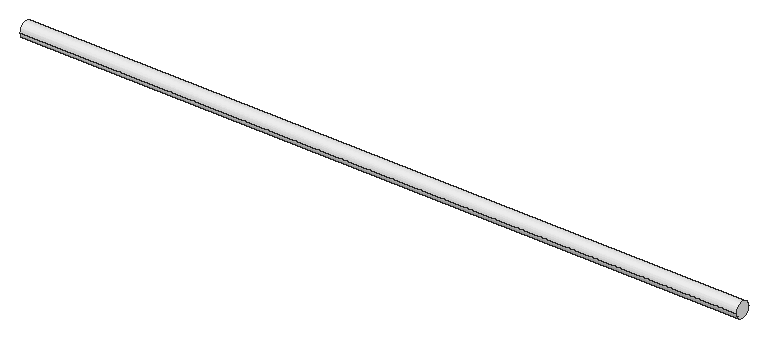
Revit family
Parameters (values of type "25mm")
  Start Extension Calculation [instance] = 3012.5 mm + Start Extension  # 3000 mm
  Start Extension [instance] = -12.5 mm
  Length [instance] = 1500 mm
  d = 25 mm
  Keynote = "G10"
  End Extension Calculation [instance] = 3012.5 mm + End Extension  # 3000 mm
  End Extension [instance] = -12.5 mm
  Beam Material [instance] = Metal - Steel - 345 MPa
Reference planes
  plane 1 "Center (Front/Back)": y = 0
  plane 2: z = 0
  plane 3 "Center (Left/Right)": x = 4.61
  plane 4 "Member Left": x = -604.99
  plane 5 "Member Right": x = 614.21
  plane 6: y = 12.5
  plane 7: y = -12.5
  plane 8 "Top": z = 12.5
  plane 9: z = -12.5
  plane 10 "Left": x = -757.39
  plane 11 "Right": x = 742.61
  plane 12: x = -604.99
  plane 13: x = 614.21
  plane 14: x = 2395.01
  plane 15: x = -2385.79
Forms (mm)
  Extrusion 1, solid, material "Metal - Steel - 345 MPa" <- "Beam Material", detail levels medium+fine
    sketch origin (4.61, 0, 0) x (0, 1, 0) y (0, 0, 1)
      loop
        circle (0, 0) r 12.5
    from -609.6 to 609.6
Lines and regions (mm)
  symbolic lines, style "Stick Symbols", detail levels coarse
    curve 1: arc (0, 12.5, 0) -> (0, 0, -12.5) -> (0, -12.5, 0) r 12.5
    curve 2: arc (0, -12.5, 0) -> (0, 0, 12.5) -> (0, 12.5, 0) r 12.5
Dimensions and locks
  "d": plane 6 to plane 7
  "d": plane 9 to plane 8 "Top"
  equal spacing: plane 9, plane 2, plane 8 "Top"
  equal spacing: plane 6, plane 1 "Center (Front/Back)", plane 7
  "Length": plane 10 "Left" to plane 11 "Right"
  locked: plane 4 "Member Left" to plane 14 at 3000
  locked: plane 15 to plane 5 "Member Right" at 3000
  "End Extension Calculation": plane 15 to plane 13
  "Start Extension Calculation": plane 12 to plane 14
  aligned and locked: plane 12 to Extrusion 1
  aligned and locked: Extrusion 1 to plane 13
Automatic sketch dimensions
  Extrusion 1 sketch curve to level = 0 mm
  Extrusion 1 sketch curve to plane 7 = 0 mm
  Extrusion 1 sketch curve to plane 1 "Center (Front/Back)" = 0 mm
  curve 1 to level = 0 mm
  curve 1 to plane 7 = 0 mm
  curve 1 to plane 1 "Center (Front/Back)" = 0 mm
